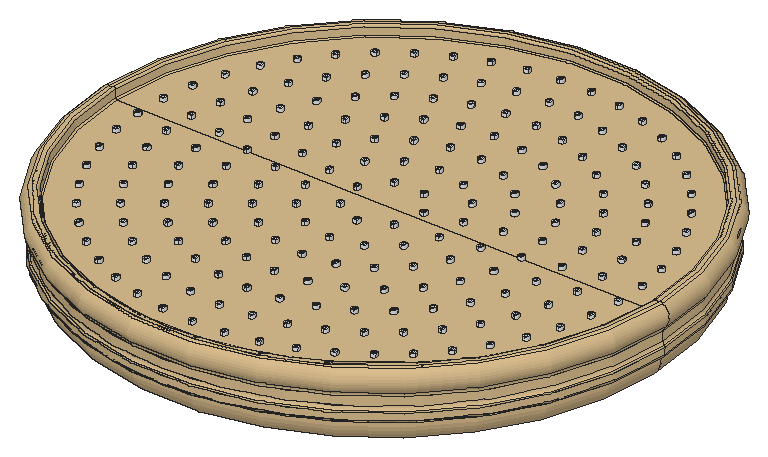
Revit family "Shower-Showerhead-KOHLER-KATALYST-K-15993T_1", category Plumbing Fixtures, host Face, Revit 2017 (continued)
Definition of nested family "K-15993T"
  Lines and regions (in)
    symbolic lines, detail levels medium+fine
      curve 226: circle (-2.19376, 0.50066, 0) r 0.0308 normal (0, 0, -1)
      curve 227: circle (-1.94875, 1.125, 0) r 0.06192 normal (0, 0, -1)
      curve 228: circle (-1.94875, 1.125, 0) r 0.0308 normal (0, 0, -1)
      curve 229: circle (-1.53061, 1.64939, 0) r 0.06192 normal (0, 0, -1)
      curve 230: circle (-1.53061, 1.64939, 0) r 0.0308 normal (0, 0, -1)
      curve 231: circle (-0.97648, 2.02725, 0) r 0.06192 normal (0, 0, -1)
      curve 232: circle (-0.97648, 2.02725, 0) r 0.0308 normal (0, 0, -1)
      curve 233: circle (0, 1.50012, 0) r 0.06192 normal (0, 0, 1)
      curve 234: circle (0, 1.50012, 0) r 0.0308 normal (0, 0, 1)
      curve 235: circle (-0.65088, -1.35156, 0) r 0.06192 normal (0, 0, 1)
      curve 236: circle (-0.65088, -1.35156, 0) r 0.0308 normal (0, 0, 1)
      curve 237: circle (-1.17284, -0.93531, 0) r 0.06192 normal (0, 0, 1)
      curve 238: circle (-1.17284, -0.93531, 0) r 0.0308 normal (0, 0, 1)
      curve 239: circle (-1.46251, -0.33381, 0) r 0.06192 normal (0, 0, 1)
      curve 240: circle (-1.46251, -0.33381, 0) r 0.0308 normal (0, 0, 1)
      curve 241: circle (-1.46251, 0.33381, 0) r 0.06192 normal (0, 0, 1)
      curve 242: circle (-1.46251, 0.33381, 0) r 0.0308 normal (0, 0, 1)
      curve 243: circle (-1.17284, 0.93531, 0) r 0.06192 normal (0, 0, 1)
      curve 244: circle (-1.17284, 0.93531, 0) r 0.0308 normal (0, 0, 1)
      curve 245: circle (-0.65088, 1.35156, 0) r 0.06192 normal (0, 0, 1)
      curve 246: circle (-0.65088, 1.35156, 0) r 0.0308 normal (0, 0, 1)
      curve 247: circle (-0.58647, -0.4679, 0) r 0.06192 normal (0, 0, 1)
      curve 248: circle (-0.58647, -0.4679, 0) r 0.0308 normal (0, 0, 1)
      curve 249: circle (-0.73148, 0.16679, 0) r 0.06192 normal (0, 0, 1)
      curve 250: circle (-0.73148, 0.16679, 0) r 0.0308 normal (0, 0, 1)
      curve 251: circle (-0.32567, 0.67589, 0) r 0.06192 normal (0, 0, 1)
      curve 252: circle (-0.32567, 0.67589, 0) r 0.0308 normal (0, 0, 1)
      curve 253: circle (-1.92442, -3.2199, 0) r 0.06192 normal (0, 0, 1)
      curve 254: circle (0.33714, 5.2414, 0) r 0.06192 normal (0, 0, -1)
      curve 255: circle (0.33714, 5.2414, 0) r 0.0308 normal (0, 0, -1)
      curve 256: circle (0.67147, -5.20913, 0) r 0.06192 normal (0, 0, -1)
      curve 257: circle (0.67147, -5.20913, 0) r 0.0308 normal (0, 0, -1)
      curve 258: circle (1.33207, -5.0805, 0) r 0.06192 normal (0, 0, -1)
      curve 259: circle (1.33207, -5.0805, 0) r 0.0308 normal (0, 0, -1)
      curve 260: circle (1.97079, -4.86846, 0) r 0.06192 normal (0, 0, -1)
      curve 261: circle (1.97079, -4.86846, 0) r 0.0308 normal (0, 0, -1)
      curve 262: circle (2.57716, -4.57648, 0) r 0.06192 normal (0, 0, -1)
      curve 263: circle (2.57716, -4.57648, 0) r 0.0308 normal (0, 0, -1)
      curve 264: circle (3.14121, -4.20936, 0) r 0.06192 normal (0, 0, -1)
      curve 265: circle (3.14121, -4.20936, 0) r 0.0308 normal (0, 0, -1)
      curve 266: circle (3.65369, -3.77312, 0) r 0.06192 normal (0, 0, -1)
      curve 267: circle (3.65369, -3.77312, 0) r 0.0308 normal (0, 0, -1)
      curve 268: circle (4.10618, -3.27494, 0) r 0.06192 normal (0, 0, -1)
      curve 269: circle (4.10618, -3.27494, 0) r 0.0308 normal (0, 0, -1)
      curve 270: circle (4.49125, -2.72298, 0) r 0.06192 normal (0, 0, -1)
      curve 271: circle (4.49125, -2.72298, 0) r 0.0308 normal (0, 0, -1)
      curve 272: circle (4.80257, -2.12632, 0) r 0.06192 normal (0, 0, -1)
      curve 273: circle (4.80257, -2.12632, 0) r 0.0308 normal (0, 0, -1)
      curve 274: circle (5.03504, -1.49474, 0) r 0.06192 normal (0, 0, -1)
      curve 275: circle (5.03504, -1.49474, 0) r 0.0308 normal (0, 0, -1)
      curve 276: circle (5.18485, -0.83862, 0) r 0.06192 normal (0, 0, -1)
      curve 277: circle (5.18485, -0.83862, 0) r 0.0308 normal (0, 0, -1)
      curve 278: circle (5.24952, -0.16873, 0) r 0.06192 normal (0, 0, -1)
      curve 279: circle (5.24952, -0.16873, 0) r 0.0308 normal (0, 0, -1)
      curve 280: circle (5.228, 0.50393, 0) r 0.06192 normal (0, 0, -1)
      curve 281: circle (5.228, 0.50393, 0) r 0.0308 normal (0, 0, -1)
      curve 282: circle (5.12064, 1.16831, 0) r 0.06192 normal (0, 0, -1)
      curve 283: circle (5.12064, 1.16831, 0) r 0.0308 normal (0, 0, -1)
      curve 284: circle (4.92921, 1.81352, 0) r 0.06192 normal (0, 0, -1)
      curve 285: circle (4.92921, 1.81352, 0) r 0.0308 normal (0, 0, -1)
      curve 286: circle (4.65684, 2.42894, 0) r 0.06192 normal (0, 0, -1)
      curve 287: circle (4.65684, 2.42894, 0) r 0.0308 normal (0, 0, -1)
      curve 288: circle (4.30801, 3.00449, 0) r 0.06192 normal (0, 0, -1)
      curve 289: circle (4.30801, 3.00449, 0) r 0.0308 normal (0, 0, -1)
      curve 290: circle (3.88845, 3.5307, 0) r 0.06192 normal (0, 0, -1)
      curve 291: circle (3.88845, 3.5307, 0) r 0.0308 normal (0, 0, -1)
      curve 292: circle (3.40505, 3.99895, 0) r 0.06192 normal (0, 0, -1)
      curve 293: circle (3.40505, 3.99895, 0) r 0.0308 normal (0, 0, -1)
      curve 294: circle (2.86573, 4.40153, 0) r 0.06192 normal (0, 0, -1)
      curve 295: circle (2.86573, 4.40153, 0) r 0.0308 normal (0, 0, -1)
      curve 296: circle (2.27937, 4.73185, 0) r 0.06192 normal (0, 0, -1)
      curve 297: circle (2.27937, 4.73185, 0) r 0.0308 normal (0, 0, -1)
      curve 298: circle (1.65558, 4.98447, 0) r 0.06192 normal (0, 0, -1)
      curve 299: circle (1.65558, 4.98447, 0) r 0.0308 normal (0, 0, -1)
      curve 300: circle (1.0046, 5.15526, 0) r 0.06192 normal (0, 0, -1)
      curve 301: circle (1.0046, 5.15526, 0) r 0.0308 normal (0, 0, -1)
      curve 302: circle (0.67074, -4.4501, 0) r 0.06192 normal (0, 0, -1)
      curve 303: circle (0.67074, -4.4501, 0) r 0.0308 normal (0, 0, -1)
      curve 304: circle (1.3265, -4.30042, 0) r 0.06192 normal (0, 0, -1)
      curve 305: circle (1.3265, -4.30042, 0) r 0.0308 normal (0, 0, -1)
      curve 306: circle (1.95263, -4.05468, 0) r 0.06192 normal (0, 0, -1)
      curve 307: circle (1.95263, -4.05468, 0) r 0.0308 normal (0, 0, -1)
      curve 308: circle (2.53514, -3.71837, 0) r 0.06192 normal (0, 0, -1)
      curve 309: circle (2.53514, -3.71837, 0) r 0.0308 normal (0, 0, -1)
      curve 310: circle (3.06102, -3.299, 0) r 0.06192 normal (0, 0, -1)
      curve 311: circle (3.06102, -3.299, 0) r 0.0308 normal (0, 0, -1)
      curve 312: circle (3.51852, -2.80593, 0) r 0.06192 normal (0, 0, -1)
      curve 313: circle (3.51852, -2.80593, 0) r 0.0308 normal (0, 0, -1)
      curve 314: circle (3.89743, -2.25018, 0) r 0.06192 normal (0, 0, -1)
      curve 315: circle (3.89743, -2.25018, 0) r 0.0308 normal (0, 0, -1)
      curve 316: circle (4.18927, -1.64417, 0) r 0.06192 normal (0, 0, -1)
      curve 317: circle (4.18927, -1.64417, 0) r 0.0308 normal (0, 0, -1)
      curve 318: circle (4.38753, -1.00142, 0) r 0.06192 normal (0, 0, -1)
      curve 319: circle (4.38753, -1.00142, 0) r 0.0308 normal (0, 0, -1)
      curve 320: circle (4.48778, -0.33631, 0) r 0.06192 normal (0, 0, -1)
      curve 321: circle (4.48778, -0.33631, 0) r 0.0308 normal (0, 0, -1)
      curve 322: circle (4.48778, 0.33631, 0) r 0.06192 normal (0, 0, -1)
      curve 323: circle (4.48778, 0.33631, 0) r 0.0308 normal (0, 0, -1)
      curve 324: circle (4.38753, 1.00142, 0) r 0.06192 normal (0, 0, -1)
      curve 325: circle (4.38753, 1.00142, 0) r 0.0308 normal (0, 0, -1)
      curve 326: circle (4.18927, 1.64417, 0) r 0.06192 normal (0, 0, -1)
      curve 327: circle (4.18927, 1.64417, 0) r 0.0308 normal (0, 0, -1)
      curve 328: circle (3.89743, 2.25018, 0) r 0.06192 normal (0, 0, -1)
      curve 329: circle (3.89743, 2.25018, 0) r 0.0308 normal (0, 0, -1)
      curve 330: circle (3.51852, 2.80593, 0) r 0.06192 normal (0, 0, -1)
      curve 331: circle (3.51852, 2.80593, 0) r 0.0308 normal (0, 0, -1)
      curve 332: circle (3.06102, 3.299, 0) r 0.06192 normal (0, 0, -1)
      curve 333: circle (3.06102, 3.299, 0) r 0.0308 normal (0, 0, -1)
      curve 334: circle (2.53514, 3.71837, 0) r 0.06192 normal (0, 0, -1)
      curve 335: circle (2.53514, 3.71837, 0) r 0.0308 normal (0, 0, -1)
      curve 336: circle (1.95263, 4.05468, 0) r 0.06192 normal (0, 0, -1)
      curve 337: circle (1.95263, 4.05468, 0) r 0.0308 normal (0, 0, -1)
      curve 338: circle (1.3265, 4.30042, 0) r 0.06192 normal (0, 0, -1)
      curve 339: circle (1.3265, 4.30042, 0) r 0.0308 normal (0, 0, -1)
      curve 340: circle (0.67074, 4.4501, 0) r 0.06192 normal (0, 0, -1)
      curve 341: circle (0.67074, 4.4501, 0) r 0.0308 normal (0, 0, -1)
      curve 342: circle (0.33591, 3.73608, 0) r 0.06192 normal (0, 0, -1)
      curve 343: circle (0.33591, 3.73608, 0) r 0.0308 normal (0, 0, -1)
      curve 344: circle (0.67034, -3.69077, 0) r 0.06192 normal (0, 0, -1)
      curve 345: circle (0.67034, -3.69077, 0) r 0.0308 normal (0, 0, -1)
      curve 346: circle (1.31857, -3.51177, 0) r 0.06192 normal (0, 0, -1)
      curve 347: circle (1.31857, -3.51177, 0) r 0.0308 normal (0, 0, -1)
      curve 348: circle (1.92442, -3.2199, 0) r 0.0308 normal (0, 0, -1)
      curve 349: circle (2.46842, -2.82455, 0) r 0.06192 normal (0, 0, -1)
      curve 350: circle (2.46842, -2.82455, 0) r 0.0308 normal (0, 0, -1)
      curve 351: circle (2.93308, -2.33841, 0) r 0.06192 normal (0, 0, -1)
      curve 352: circle (2.93308, -2.33841, 0) r 0.0308 normal (0, 0, -1)
      curve 353: circle (3.30348, -1.77712, 0) r 0.06192 normal (0, 0, -1)
      curve 354: circle (3.30348, -1.77712, 0) r 0.0308 normal (0, 0, -1)
      curve 355: circle (3.56771, -1.15872, 0) r 0.06192 normal (0, 0, -1)
      curve 356: circle (3.56771, -1.15872, 0) r 0.0308 normal (0, 0, -1)
      curve 357: circle (3.71727, -0.50307, 0) r 0.06192 normal (0, 0, -1)
      curve 358: circle (3.71727, -0.50307, 0) r 0.0308 normal (0, 0, -1)
      curve 359: circle (3.74736, 0.16874, 0) r 0.06192 normal (0, 0, -1)
      curve 360: circle (3.74736, 0.16874, 0) r 0.0308 normal (0, 0, -1)
      curve 361: circle (3.65701, 0.83514, 0) r 0.06192 normal (0, 0, -1)
      curve 362: circle (3.65701, 0.83514, 0) r 0.0308 normal (0, 0, -1)
      curve 363: circle (3.44912, 1.47469, 0) r 0.06192 normal (0, 0, -1)
      curve 364: circle (3.44912, 1.47469, 0) r 0.0308 normal (0, 0, -1)
      curve 365: circle (3.13039, 2.06684, 0) r 0.06192 normal (0, 0, -1)
      curve 366: circle (3.13039, 2.06684, 0) r 0.0308 normal (0, 0, -1)
      curve 367: circle (2.71104, 2.59257, 0) r 0.06192 normal (0, 0, -1)
      curve 368: circle (2.71104, 2.59257, 0) r 0.0308 normal (0, 0, -1)
      curve 369: circle (2.20456, 3.03497, 0) r 0.06192 normal (0, 0, -1)
      curve 370: circle (2.20456, 3.03497, 0) r 0.0308 normal (0, 0, -1)
      curve 371: circle (1.62723, 3.37983, 0) r 0.06192 normal (0, 0, -1)
      curve 372: circle (1.62723, 3.37983, 0) r 0.0308 normal (0, 0, -1)
      curve 373: circle (0.9976, 3.61607, 0) r 0.06192 normal (0, 0, -1)
      curve 374: circle (0.9976, 3.61607, 0) r 0.0308 normal (0, 0, -1)
      curve 375: circle (0.66762, -2.92502, 0) r 0.06192 normal (0, 0, -1)
      curve 376: circle (0.66762, -2.92502, 0) r 0.0308 normal (0, 0, -1)
      curve 377: circle (1.30176, -2.70312, 0) r 0.06192 normal (0, 0, -1)
      curve 378: circle (1.30176, -2.70312, 0) r 0.0308 normal (0, 0, -1)
      curve 379: circle (1.87062, -2.34568, 0) r 0.06192 normal (0, 0, -1)
      curve 380: circle (1.87062, -2.34568, 0) r 0.0308 normal (0, 0, -1)
      curve 381: circle (2.34568, -1.87062, 0) r 0.06192 normal (0, 0, -1)
      curve 382: circle (2.34568, -1.87062, 0) r 0.0308 normal (0, 0, -1)
      curve 383: circle (2.70312, -1.30176, 0) r 0.06192 normal (0, 0, -1)
      curve 384: circle (2.70312, -1.30176, 0) r 0.0308 normal (0, 0, -1)
      curve 385: circle (2.92502, -0.66762, 0) r 0.06192 normal (0, 0, -1)
      curve 386: circle (2.92502, -0.66762, 0) r 0.0308 normal (0, 0, -1)
      curve 387: circle (3.00024, 0, 0) r 0.06192 normal (0, 0, -1)
      curve 388: circle (3.00024, 0, 0) r 0.0308 normal (0, 0, -1)
      curve 389: circle (2.92502, 0.66762, 0) r 0.06192 normal (0, 0, -1)
      curve 390: circle (2.92502, 0.66762, 0) r 0.0308 normal (0, 0, -1)
      curve 391: circle (2.70312, 1.30176, 0) r 0.06192 normal (0, 0, -1)
      curve 392: circle (2.70312, 1.30176, 0) r 0.0308 normal (0, 0, -1)
      curve 393: circle (2.34568, 1.87062, 0) r 0.06192 normal (0, 0, -1)
      curve 394: circle (2.34568, 1.87062, 0) r 0.0308 normal (0, 0, -1)
      curve 395: circle (1.87062, 2.34568, 0) r 0.06192 normal (0, 0, -1)
      curve 396: circle (1.87062, 2.34568, 0) r 0.0308 normal (0, 0, -1)
      curve 397: circle (1.30176, 2.70312, 0) r 0.06192 normal (0, 0, -1)
      curve 398: circle (1.30176, 2.70312, 0) r 0.0308 normal (0, 0, -1)
      curve 399: circle (0.66762, 2.92502, 0) r 0.06192 normal (0, 0, -1)
      curve 400: circle (0.66762, 2.92502, 0) r 0.0308 normal (0, 0, -1)
      curve 401: circle (0.3356, 2.225, 0) r 0.06192 normal (0, 0, 1)
      curve 402: circle (0.3356, 2.225, 0) r 0.0308 normal (0, 0, 1)
      curve 403: circle (0.66341, -2.15015, 0) r 0.06192 normal (0, 0, 1)
      curve 404: circle (0.66341, -2.15015, 0) r 0.0308 normal (0, 0, 1)
      curve 405: circle (1.26766, -1.85911, 0) r 0.06192 normal (0, 0, 1)
      curve 406: circle (1.26766, -1.85911, 0) r 0.0308 normal (0, 0, 1)
      curve 407: circle (1.7593, -1.4029, 0) r 0.06192 normal (0, 0, 1)
      curve 408: circle (1.7593, -1.4029, 0) r 0.0308 normal (0, 0, 1)
      curve 409: circle (2.09463, -0.82205, 0) r 0.06192 normal (0, 0, 1)
      curve 410: circle (2.09463, -0.82205, 0) r 0.0308 normal (0, 0, 1)
      curve 411: circle (2.24387, -0.16817, 0) r 0.06192 normal (0, 0, 1)
      curve 412: circle (2.24387, -0.16817, 0) r 0.0308 normal (0, 0, 1)
      curve 413: circle (2.19376, 0.50066, 0) r 0.06192 normal (0, 0, 1)
      curve 414: circle (2.19376, 0.50066, 0) r 0.0308 normal (0, 0, 1)
      curve 415: circle (1.94875, 1.125, 0) r 0.06192 normal (0, 0, 1)
      curve 416: circle (1.94875, 1.125, 0) r 0.0308 normal (0, 0, 1)
      curve 417: circle (1.53061, 1.64939, 0) r 0.06192 normal (0, 0, 1)
      curve 418: circle (1.53061, 1.64939, 0) r 0.0308 normal (0, 0, 1)
      curve 419: circle (0.97648, 2.02725, 0) r 0.06192 normal (0, 0, 1)
      curve 420: circle (0.97648, 2.02725, 0) r 0.0308 normal (0, 0, 1)
      curve 421: circle (0.65088, -1.35156, 0) r 0.06192 normal (0, 0, -1)
      curve 422: circle (0.65088, -1.35156, 0) r 0.0308 normal (0, 0, -1)
      curve 423: circle (1.17284, -0.93531, 0) r 0.06192 normal (0, 0, -1)
      curve 424: circle (1.17284, -0.93531, 0) r 0.0308 normal (0, 0, -1)
      curve 425: circle (1.46251, -0.33381, 0) r 0.06192 normal (0, 0, -1)
      curve 426: circle (1.46251, -0.33381, 0) r 0.0308 normal (0, 0, -1)
      curve 427: circle (1.46251, 0.33381, 0) r 0.06192 normal (0, 0, -1)
      curve 428: circle (1.46251, 0.33381, 0) r 0.0308 normal (0, 0, -1)
      curve 429: circle (1.17284, 0.93531, 0) r 0.06192 normal (0, 0, -1)
      curve 430: circle (1.17284, 0.93531, 0) r 0.0308 normal (0, 0, -1)
      curve 431: circle (0.65088, 1.35156, 0) r 0.06192 normal (0, 0, -1)
      curve 432: circle (0.65088, 1.35156, 0) r 0.0308 normal (0, 0, -1)
      curve 433: circle (0.58647, -0.4679, 0) r 0.06192 normal (0, 0, -1)
      curve 434: circle (0.58647, -0.4679, 0) r 0.0308 normal (0, 0, -1)
      curve 435: circle (0.73148, 0.16679, 0) r 0.06192 normal (0, 0, -1)
      curve 436: circle (0.73148, 0.16679, 0) r 0.0308 normal (0, 0, -1)
      curve 437: circle (0.32567, 0.67589, 0) r 0.06192 normal (0, 0, -1)
      curve 438: circle (0.32567, 0.67589, 0) r 0.0308 normal (0, 0, -1)
      curve 439: circle (1.92442, -3.2199, 0) r 0.06192 normal (0, 0, -1)
  Dimensions and locks (in)
    plane 4 to level = 3.46457"
    aligned and locked: plane 2 to level
Types (5): name | Type | Product Page URL | Model | Finish
  PGD-Eternal Gold | 1 | "https://www.kohler.com.cn/product/K-15993T-CL-CP/K-15993T-CL-PGD/" | "K-15993T-CL-PGD" | Kohler-Metal-PGD-Eternal_Gold
  SN-Champagne Gold | 2 | "https://www.kohler.com.cn/product/K-15993T-CL-CP/K-15993T-CL-SN/" | "K-15993T-CL-SN" | Kohler-Metal-SN-Champagne_Gold
  BN-Roman Silver | 3 | "https://www.kohler.com.cn/product/K-15993T-CL-CP/K-15993T-CL-BN/" | "K-15993T-CL-BN" | Kohler-Metal-BN-Roman_Silver
  AF-Flange Gold | 4 | "https://www.kohler.com.cn/product/K-15993T-CL-CP/K-15993T-CL-AF/" | "K-15993T-CL-AF" | Kohler-Metal-AF-Flange_Gold
  CP-Polished Chrome | 5 | "https://www.kohler.com.cn/product/K-15993T-CL-CP/K-15993T-CL-CP/" | "K-15993T-CL-CP" | Kohler-Metal-CP-Polished_Chrome
